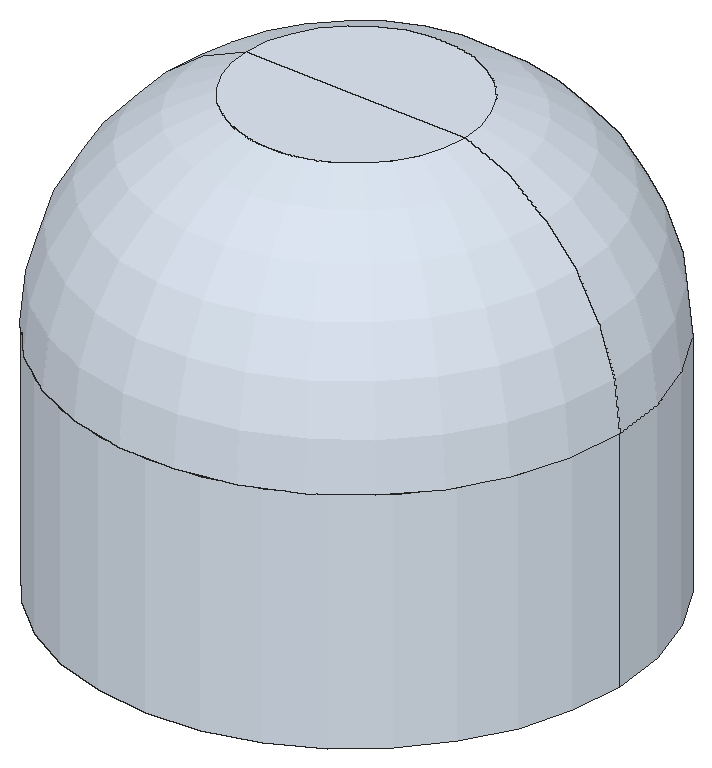
Revit family "Displays_Pier_ASHanging_Fixed", category Generic Models, Revit 2026
Family settings
  Can host rebar = No
  Round Connector Dimension = Use Diameter
  Part Type = Normal
  Classification Number = 23.40.90.11
  Work Plane-Based = Yes
  Always vertical = No
  Cut with Voids When Loaded = No
  Maintain Annotation Orientation = No
  Shared = Yes
  Room Calculation Point = No
Parameters (values of type "Short")
  URL = "https://www.ashanging.com/"
  Specification = "http://www.arcat.com/sd/clients/ashangin.html?coid=45279"
  Sales Information = "https://www.ashanging.com/en/contacts/"
  Revision = "R1_2017"
  Product Properties = "https://www.ashanging.com/en/classic-system/"
  Product Data = "http://www.arcat.com/arcatcos/cos45/arc45245.html"
  Model = "Fixed Pier"
  Manufacturer Website = "https://www.ashanging.com/"
  Manufacturer Phone - Toll Free = "866-935-6983"
  Manufacturer Phone = ""
  Manufacturer Fax = ""
  Manufacturer Address = "8396 State Route 9, West Chazy, NY 12992"
  Manufacturer = "AS Hanging"
  Long = no
  Keynote = "10 14 00"
  Installation-Fabrication = "https://www.ashanging.com/en/support-documents/"
  Height = 0' - 0 1/2"
  Pier = Brushed Nickel
  Drawn By = "Sumex Design, Robert S. Weygant"
  Description = "AS Hanging Fixed Pier"
  Default Elevation = 4' - 0"
  Copyright = "2017 ARCAT, Inc"
  Construction Details = ""
  Assembly Code = "C1030500"
Types (2): name | Specification | Manufacturer Phone - Toll Free | Long | Height
  Long | "http://www.arcat.com/sd/clients/ashangin.html?coid=45278" | "866-935-6982" | yes | 0' - 2.2"
  Short | "http://www.arcat.com/sd/clients/ashangin.html?coid=45279" | "866-935-6983" | no | 0' - 0 1/2"
Reference planes (in)
  plane 1 "Center (Front/Back)": y = 0
  plane 2 "TwistPlacement": z = 0
  plane 3 "Center (Left/Right)": x = 0
  plane 4 "Hook Placement": z = 22
  plane 5: z = 0.5
  plane 6: x = -0.5
  plane 7: x = 0.5
Forms (in)
  Revolve 1, solid, material "Brushed Nickel" <- "Pier"
    sketch origin (0, 0, 0) x (1, 0, 0) y (0, 0, 1)
      loop
        line (0, 0) -> (0, 0.5) -> (-0.125, 0.5)
        arc (-0.125, 0.5) -> (-0.25163, 0.40793) -> (-0.3, 0.25902) r 0.25342
        line (-0.3, 0.25902) -> (-0.3, 0) -> (0, 0)
      axis (0, 0.5) -> (0, 0)
    angle from 0 to 360
  Revolve 2, solid, material "Brushed Nickel" <- "Pier", visible <- "Long"
    sketch origin (0, 0, 0) x (1, 0, 0) y (0, 0, 1)
      loop
        line (-0.3, 0) -> (-0.3, 0.125) -> (-0.5, 0.125) -> (-0.5, 0) -> (-0.3, 0)
      axis (0, 0.125) -> (0, 0)
    angle from 0 to 360
Dimensions and locks (in)
  plane 4 "Hook Placement" to plane 2 "TwistPlacement" = 1' - 10"
  "Height": plane 5 to level
  locked: plane 3 "Center (Left/Right)" to Revolve 2 sketch curve at 0.3
  locked: Revolve 2 sketch curve to level at 0.125
  locked: plane 3 "Center (Left/Right)" to Revolve 1 sketch curve at 0.3
  aligned and locked: plane 2 "TwistPlacement" to level
  aligned and locked: plane 5 to Revolve 1 sketch curve
  aligned and locked: level to Revolve 2 sketch curve
  aligned and locked: Revolve 2 sketch curve to plane 6
  aligned and locked: level to Revolve 1 sketch curve
  aligned and locked: plane 3 "Center (Left/Right)" to Revolve 1 sketch curve
Automatic sketch dimensions
  Revolve 1 sketch curve to plane 5 = 0' - 0.24098"
  Revolve 1 sketch curve to Revolve 1 sketch curve = 0' - 0.175"
  plane 3 "Center (Left/Right)" to Revolve 1 sketch curve = 0' - 0"
  Revolve 1 sketch curve to level = 2' - 0"
  plane 4 "Hook Placement" to Revolve 1 sketch curve = 6' - 8.71882"
  plane 3 "Center (Left/Right)" to Revolve 2 sketch curve = 0' - 0"
  Revolve 2 sketch curve to level = 2' - 0"
  plane 4 "Hook Placement" to Revolve 2 sketch curve = 6' - 10.41882"
